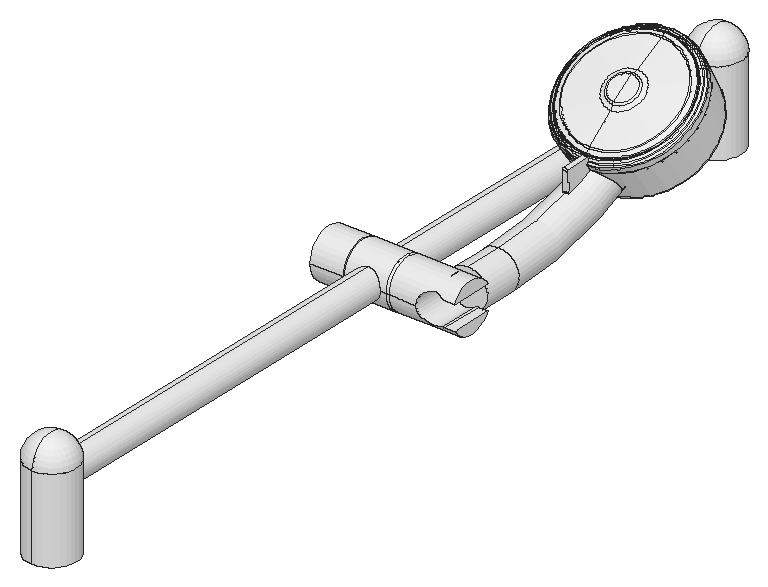
Revit family "Grohe_PlumbingFixture_TempestaCosmopolitan100_ShowerRailSet_27579002a", category Plumbing Fixtures, host Face, Revit 2018
Family settings
  Host = Face
  Round Connector Dimension = Use Diameter
  Part Type = Normal
  OmniClass Number = 23.65.00.00
  OmniClass Title = Supply and Distribution of Liquids and Gases
  Cut with Voids When Loaded = No
  Shared = No
  Room Calculation Point = No
Parameters (values of type "27579002")
  _ObjectUserGuide = "https://www.bimstore.co/products/grohe-tempesta-cosmopolitan-100-shower-rail-set-3-sprays-27579002/document/object-user-guide"
  _DistributedBy = "www.bimstore.co"
  _CurrentRevision = 1
  _CreatedBy = "www.bimstore.co"
  _BimSpecGuid = 0
  _BSBibleVersion = 16
  _AuthorizedBy = "bimstore"
  _Author = "RL"
  WarrantyStartDate [instance] = "Please Record On Commissioning."
  WarrantyGuarantorParts = "info-uk@grohe.com"
  WarrantyGuarantorLabor = "info-uk@grohe.com"
  WarrantyDurationUnit = "Years"
  WarrantyDurationParts = "0"
  WarrantyDurationLabor = "0"
  WarrantyDescription = "n/a"
  URL = "https://www.grohe.co.uk/en_gb/"
  TypeName = "Tempesta Cosmopolitan 100 - Shower rail set 3 sprays"
  Type Comments = "27579002"
  SpareParts = "n/a"
  Size = "n/a"
  Shape = "n/a"
  SerialNumber [instance] = "Please Record On Commissioning."
  ReplacementCost = "n/a"
  ReferencedStandard = "n/a"
  ProductionYear = "2020"
  ProductPageURL = "https://www.grohe.co.uk/en_gb/tempesta-cosmopolitan-100-shower-rail-set-3-sprays-27579002.html"
  ProductDocumentationLink = "https://www.grohe.co.uk/en_gb/tempesta-cosmopolitan-100-shower-rail-set-3-sprays-27579002.html"
  PrimaryMaterial = Steel, Chrome Plated
  PercentageOfRecycledContent = "n/a"
  NominalLength = 0 mm
  NominalHeight = 0 mm
  NominalDepth = 0 mm
  NBSReference = "45-35-70/330"
  NBSOfficeMasterTag = "n/a"
  NBSObjectName = "Grohe - Shower fittings package"
  NBSNote = ""
  NBSDescription = "Shower fittings package"
  ModelReference = "Tempesta Cosmopolitan 100 - Shower rail set 3 sprays"
  ModelNumber = "27579002"
  Model = "Tempesta Cosmopolitan 100 - Shower rail set 3 sprays"
  Material = "n/a"
  MasterformatTitle = "Sanitary Facilities"
  MasterformatNumber = "01 52 19"
  ManufacturerName = "Grohe"
  Manufacturer = "Grohe"
  LowEmittingMaterial = no
  LEEDCredit = "n/a"
  Keynote = "N13"
  InstallationDate [instance] = "Please Record On Commissioning."
  IndustryStandards = "n/a"
  IfcExportType = "IfcPipeFittingType"
  IfcExportAs = "IfcPipeFitting"
  HotWaterConnectionDiameter = 10 mm
  Grade = "n/a"
  Finish = "n/a"
  Features = "Add affordable luxury to your bathroom and change the way you shower with the GROHE New Tempesta Cosmopolitan 100 shower rail set. The stylish kit contains a hand shower with a white 100mm spray plate, a 600mm shower rail and a 1750mm hose. It’s packed with a lot of smart features. GROHE EcoJoy technology limits water flow to 9.5 l/m, which saves water and money without compromising performance. The hand shower comes with three spray options so you can tailor it to your mood: the light-as-air GROHE Rain O² Spray with added oxygen for a softer feel, the gentle summer shower feel of Rain Spray and the invigorating Massage Spray. GROHE DreamSpray ensures that whichever spray pattern you select, the flow from each and every nozzle will be just right, making your shower as comfortable and enjoyable as can be. Its SpeedClean silicone nozzles are designed to brush free of limescale with a simple wipe, and the durable GROHE StarLight chrome finish keeps the whole set looking pristine. And an Inner WaterGuide prevents the surface of the hand shower from getting too hot, in order to protect both your sensitive skin and the lustrous chrome finish."
  ExpectedLife = 0
  Ecojoy = no
  DurationUnit = "Years"
  DocumentationTechnical = "https://www.bimstore.co/products/grohe-tempesta-cosmopolitan-100-shower-rail-set-3-sprays-27579002/document/technical-data-sheet"
  DocumentationMaintenance = "https://www.bimstore.co/products/grohe-tempesta-cosmopolitan-100-shower-rail-set-3-sprays-27579002/document/maintenance-information"
  DocumentationLiterature = "https://www.bimstore.co/products/grohe-tempesta-cosmopolitan-100-shower-rail-set-3-sprays-27579002/document/product-literature"
  DocumentationInstallationGuide = "https://www.bimstore.co/products/grohe-tempesta-cosmopolitan-100-shower-rail-set-3-sprays-27579002/document/installation-guide"
  DocumentationCertificates = "https://www.bimstore.co/products/grohe-tempesta-cosmopolitan-100-shower-rail-set-3-sprays-27579002/document/product-certificates"
  Description = "Add affordable luxury to your bathroom and change the way you shower with the GROHE New Tempesta Cosmopolitan 100 shower rail set. The stylish kit contains a hand shower with a white 100mm spray plate, a 600mm shower rail and a 1750mm hose. It’s packed with a lot of smart features. GROHE EcoJoy technology limits water flow to 9.5 l/m, which saves water and money without compromising performance. The hand shower comes with three spray options so you can tailor it to your mood: the light-as-air GROHE Rain O² Spray with added oxygen for a softer feel, the gentle summer shower feel of Rain Spray and the invigorating Massage Spray. GROHE DreamSpray ensures that whichever spray pattern you select, the flow from each and every nozzle will be just right, making your shower as comfortable and enjoyable as can be. Its SpeedClean silicone nozzles are designed to brush free of limescale with a simple wipe, and the durable GROHE StarLight chrome finish keeps the whole set looking pristine. And an Inner WaterGuide prevents the surface of the hand shower from getting too hot, in order to protect both your sensitive skin and the lustrous chrome finish."
  Default Elevation = 0 mm
  CreatedOn = "2020-11-01T09:00:00"
  CreatedBy = "info-uk@grohe.com"
  ContactGrohe = "info-uk@grohe.com"
  Constituents = "n/a"
  Color = "Chrome"
  ColdWaterConnectionDiameter = 10 mm
  CodePerformance = "n/a"
  ClassificationValue = "Pr_40_20_87_75"
  ClassificationName = "Uniclass 2015"
  BarCode [instance] = "Please Record On Commissioning."
  BIMObjectName = "Grohe_PlumbingFixture_TempestaCosmopolitan100_ShowerRailSet_27579002"
  AssetType = "n/a"
  AssetIdentifier [instance] = "Fixed"
  Assembly Code = "D2010700"
  AccessibilityPerformance = "n/a"
  ADACompliant = no
Reference planes
  plane 1 "Center (Front/Back)": y = 0
  plane 2: z = 0
  plane 3 "Center (Left/Right)": x = 0
  plane 4: z = 49.984
  plane 5: x = 49.35
Forms (mm)
  Revolve 1, solid, material "Steel, Chrome Plated" <- "PrimaryMaterial"
    sketch origin (0, 0, 0) x (0, 1, 0) y (0, 0, 1)
      loop
        line (291.825, 0) -> (310.102, 0) -> (310.102, 80.656)
        arc (310.102, 80.656) -> (297.178, 75.303) -> (291.825, 62.379) r 18.277
        line (291.825, 62.379) -> (291.825, 0)
      axis (310.102, 0) -> (310.102, 80.656)
    angle from 0 to 360
  Revolve 2, solid, material "Steel, Chrome Plated" <- "PrimaryMaterial"
    sketch origin (0, 0, 0) x (0, -1, 0) y (0, 0, 1)
      loop
        line (291.825, 0) -> (310.102, 0) -> (310.102, 80.656)
        arc (310.102, 80.656) -> (297.178, 75.303) -> (291.825, 62.379) r 18.277
        line (291.825, 62.379) -> (291.825, 0)
      axis (310.102, 0) -> (310.102, 80.656)
    angle from 0 to 360
  Revolve 3, solid, material "Steel, Chrome Plated" <- "PrimaryMaterial"
    sketch origin (0, 0, 0) x (0, 1, 0) y (0, 0, 1)
      loop
        line (300.518, 50.083) -> (300.518, 60.9) -> (-299.482, 60.9) -> (-299.482, 50.083) -> (300.518, 50.083)
      axis (300.518, 50.083) -> (-299.482, 50.083)
    angle from 0 to 360
  Revolve 4, solid, material "Steel, Chrome Plated" <- "PrimaryMaterial"
    sketch origin (-41, -4572, 49.984) x (0, -1, 0) y (1, 0, 0)
      loop
        line (-4572, 0) -> (-4554.001, 0) -> (-4554.001, 25) -> (-4572, 25) -> (-4572, 0)
      axis (-4572, 25) -> (-4572, 0)
    angle from 0 to 360
  Revolve 5, solid, material "Steel, Chrome Plated" <- "PrimaryMaterial"
    sketch origin (-41, -4572, 49.984) x (0, -1, 0) y (1, 0, 0)
      loop
        line (-4589.999, 25) -> (-4572, 25) -> (-4572, 59.5) -> (-4588.7, 59.5) -> (-4589.999, 57.003) -> (-4589.999, 25)
      axis (-4572, 59.5) -> (-4572, 25)
    angle from 0 to 360
  Revolve 6, solid, material "Steel, Chrome Plated" <- "PrimaryMaterial"
    sketch origin (-41, -4572, 49.984) x (0, -1, 0) y (1, 0, 0)
      loop
        line (-4572, 105.7) -> (-4590, 105.7) -> (-4590, 59.2) -> (-4572, 59.2) -> (-4572, 105.7)
      axis (-4572, 59.2) -> (-4572, 105.7)
    angle from 0 to 360
  Extrusion 7, void
    sketch origin (0, 0, 0) x (1, 0, 0) y (0, 0, 1)
      loop
        arc (57.962, 58.997) -> (56.6, 59.186) -> (55.342, 59.739) r 5
        arc (55.342, 59.739) -> (37.917, 50.014) -> (55.319, 40.249) r 11.434
        arc (55.319, 40.249) -> (56.573, 40.797) -> (57.929, 40.984) r 5
        line (57.929, 40.984) -> (66.674, 40.984) -> (66.674, 58.997) -> (57.962, 58.997)
    from -21.521 to 21.5
  Revolve 8, solid, material "Steel, Chrome Plated" <- "PrimaryMaterial"
    sketch origin (49.35, 25, 1219.2) x (0, 1, 0) y (0, 0, 1)
      loop
        line (185.326, -1084.34) -> (143.954, -1111.207) -> (162.435, -1139.664)
        arc (162.435, -1139.664) -> (181.388, -1126.478) -> (199.463, -1112.11) r 362.048
        arc (199.463, -1112.11) -> (200.14, -1110.927) -> (199.901, -1109.585) r 2
        line (199.901, -1109.585) -> (185.326, -1084.34)
      axis (143.954, -1111.207) -> (162.435, -1139.664)
    angle from 0 to 360
  Revolve 9, solid, material "Steel, Chrome Plated" <- "PrimaryMaterial"
    sketch origin (49.35, 25, 1219.2) x (0, 1, 0) y (0, 0, 1)
      loop
        line (139.151, -1103.81) -> (143.538, -1110.566) -> (184.956, -1083.669) -> (182.688, -1079.735)
        arc (182.688, -1079.735) -> (182.369, -1079.398) -> (181.931, -1079.243) r 0.993
        line (181.931, -1079.243) -> (180.408, -1079.083)
        arc (180.408, -1079.083) -> (179.992, -1079.05) -> (179.576, -1079.037) r 8.475
        line (179.576, -1079.037) -> (177.772, -1079.026)
        arc (177.772, -1079.026) -> (177.341, -1079.086) -> (176.946, -1079.268) r 1.5
        line (176.946, -1079.268) -> (139.151, -1103.81)
      axis (139.151, -1103.81) -> (143.538, -1110.566)
    angle from 0 to 360
  Revolve 10, solid, material "Steel, Chrome Plated" <- "PrimaryMaterial"
    sketch origin (49.35, 25, 1219.2) x (0, 1, 0) y (0, 0, 1)
      loop
        line (184.699, -1083.836) -> (143.538, -1110.566) -> (144.662, -1112.297) -> (185.823, -1085.567) -> (184.699, -1083.836)
      axis (143.538, -1110.566) -> (144.662, -1112.297)
    angle from 0 to 360
  Revolve 11, solid, material "Steel, Chrome Plated" <- "PrimaryMaterial"
    sketch origin (49.35, 25, 1219.2) x (0, 1, 0) y (0, 0, 1)
      loop
        line (135.628, -1098.385) -> (140.266, -1105.528) -> (177.665, -1081.242) -> (176.707, -1079.606)
        arc (176.707, -1079.606) -> (176.398, -1079.334) -> (175.987, -1079.298) r 0.658
        line (175.987, -1079.298) -> (172.717, -1080.072)
        arc (172.717, -1080.072) -> (172.227, -1080.214) -> (171.755, -1080.406) r 5
        arc (171.755, -1080.406) -> (160.406, -1086.002) -> (149.314, -1092.092) r 287.659
        arc (149.314, -1092.092) -> (147.553, -1092.747) -> (145.675, -1092.786) r 5.624
        arc (145.675, -1092.786) -> (145.01, -1092.799) -> (144.386, -1093.03) r 2
        arc (144.386, -1093.03) -> (139.971, -1095.648) -> (135.628, -1098.385) r 189.104
      axis (135.628, -1098.385) -> (140.267, -1105.529)
    angle from 0 to 360
  Extrusion 12, solid, material "Steel, Chrome Plated" <- "PrimaryMaterial"
    sketch origin (49.35, 25, 1219.2) x (0, 1, 0) y (0, 0, 1)
      loop
        line (101.063, -1128.583) -> (82.856, -1129.18)
        arc (82.856, -1129.18) -> (82.158, -1129.497) -> (81.889, -1130.214) r 1
        line (81.889, -1130.214) -> (82.392, -1144.605)
        arc (82.392, -1144.605) -> (82.771, -1145.355) -> (83.588, -1145.551) r 1
        line (83.588, -1145.551) -> (99.584, -1142.338)
        arc (99.584, -1142.338) -> (100.744, -1141.636) -> (101.19, -1140.356) r 2
        line (101.19, -1140.356) -> (101.063, -1128.583)
    from -2 to 2
  Sweep 13, solid, material "Steel, Chrome Plated" <- "PrimaryMaterial"
    path origin (49.35, 25, 1219.2) x (0, 1, 0) y (0, 0, 1)
      loop
        line (-9.115, -1169.216) -> (20.04, -1169.216)
        arc (20.04, -1169.216) -> (77.619, -1162.088) -> (131.72, -1141.133) r 236.102
    profile origin (49.35, 30.462, 49.984) x (0, 0, 1) y (1, 0, 0)
      loop
        circle (0, 0) r 15
Cuts and joins
  Extrusion 7 cuts Revolve 6
Dimensions and locks
  aligned and locked: plane 2 to host face
  aligned and locked: level to host face
